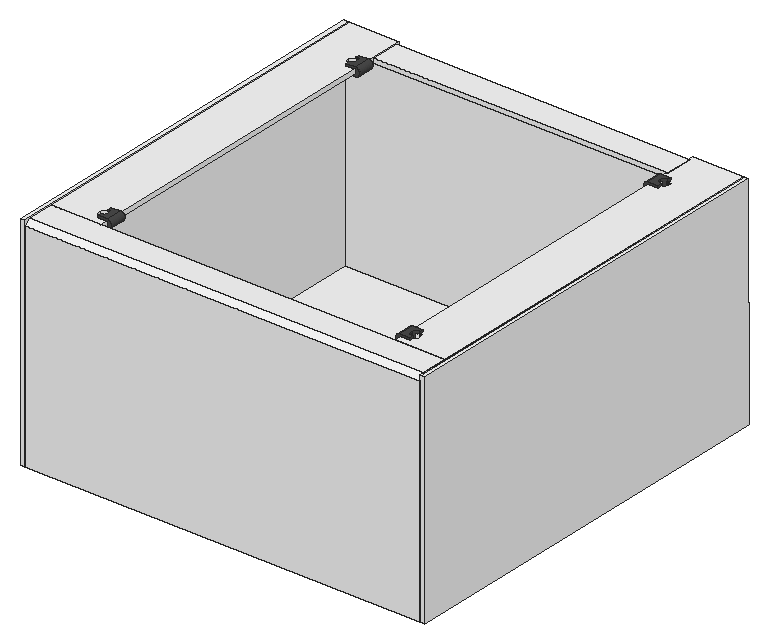
Revit family "SEST SERIES", category Communication Devices, Revit 2014
Parameters (values of type "SEST-1H")
  Width = 11.00"
  Weight Product = 0
  Warranty = "1 Year"
  Specification by User (default) [instance] = ""
  Product Documentation Link = "https://www.atlasied.com/f/2864/ATS002382C%20IP%20Enclosures%20Datasheet.pdf"
  OmniClass Title = "Audio Visual Enclosures"
  OmniClass Number = "23-37 27 15 13"
  Model = "SEST-IH"
  MaterFormat Title = "AUDIO VISUAL ENCLOSURES"
  MasterFormat = "27 42 19"
  Manufacturer URL = "https://www.atlasied.com"
  Manufacturer Phone = "(800) 876 - 3333"
  Manufacturer Email = "support@atlasied.com"
  Manufacturer Address = "4545 E. Baseline Rd., Phoenix, AZ 85042"
  Manufacturer = "ATLAS SOUND"
  IQ Category = "AUDIO VISUAL ENCLOSURES"
  Height = 6.00"
  Family Version = "2017-01"
  Family Code (default) = "LOUD SPEAKER ENCLOSURES"
  Enclosure Material = none
  Description = "STRAIGHT SURFACE MOUNT STAINLESS STEEL ENCLOSURE IS DESIGNED FOR USE ONLY WITH ATLAS SOUND LOUDSPEAKER SYSTEM MODEL IHVP. THE ENCLOSURE IS CONSTRUCTED OF 18-GAUGE STAINLESS STEEL AND FINISHED IN TEXTURED WHITE EPOXY."
  Depth = 11.00"
  Cost MSRP = 0
  Cost = 0
  Color = none
  Code 3 = yes
  Code 2 = no
  Code 1 = no
  Body Material = QF_Plastic - White - Smooth
Types (4): name | Width | Specification by User (default) | Model | Height | Description | Depth | Code 3 | Code 2 | Code 1
  (no name) | 11.00" | "" | "SEST-IH" | 6.00" | "STRAIGHT SURFACE MOUNT STAINLESS STEEL ENCLOSURE IS DESIGNED FOR USE ONLY WITH ATLAS SOUND LOUDSPEAKER SYSTEM MODEL IHVP. THE ENCLOSURE IS CONSTRUCTED OF 18-GAUGE STAINLESS STEEL AND FINISHED IN TEXTURED WHITE EPOXY." | 11.00" | yes | no | no
  SEST-18S | 11.58984" | "" | "SEST-I8S" | 4.00" | "STRAIGHT SURFACE MOUNT ENCLOSURE IS DESIGNED FOR USE ONLY WITH ATLAS SOUND LOUDSPEAKER SYSTEM MODELS I8S AND I8SM. THE UNIT PROVIDES AN ARCHITECTURALLY PLEASING APPEARANCE WITH CRISP LINES THAT BLEND WELL WITH MOST BUILDING INTERIORS. THE ENCLOSURE IS CONSTRUCTED OF 20-GAUGE CRS AND FINISHED IN TEXTURED WHITE EPOXY." | 11.63" | no | no | yes
  SEST-18SC | 13.12891" | "TBD" | "SEST-I8SC" | 4.00" | "STRAIGHT SURFACE MOUNT ENCLOSURE IS DESIGNED FOR USE ONLY WITH ATLAS SOUND LOUDSPEAKER SYSTEM MODELS I8SC AND I8SCM. THE UNIT PROVIDES AN ARCHITECTURALLY PLEASING APPEARANCE WITH CRISP LINES THAT BLEND WELL WITH MOST BUILDING INTERIORS. THE ENCLOSURE IS CONSTRUCTED OF 20-GAUGE CRS AND FINISHED IN RECLAIMED POWDER COAT FINISH." | 14.63" | no | yes | no
  SEST-1H | 11.00" | "" | "SEST-IH" | 6.00" | "STRAIGHT SURFACE MOUNT STAINLESS STEEL ENCLOSURE IS DESIGNED FOR USE ONLY WITH ATLAS SOUND LOUDSPEAKER SYSTEM MODEL IHVP. THE ENCLOSURE IS CONSTRUCTED OF 18-GAUGE STAINLESS STEEL AND FINISHED IN TEXTURED WHITE EPOXY." | 11.00" | yes | no | no
Reference planes (in)
  plane 1 "BACK": y = 0
  plane 2: z = 0
  plane 3 "LEFT": x = 0
  plane 4 "RIGHT": x = 11
  plane 5 "FRONT": y = -11
  plane 6 "TOP": z = 6
  plane 7 "Center Y": x = 5.5
  plane 8 "Center X": y = -5.5
  plane 9: z = 3
Dimensions and locks (in)
  equal spacing: plane 3 "LEFT", plane 7 "Center Y", plane 4 "RIGHT"
  "Width": plane 3 "LEFT" to plane 4 "RIGHT"
  equal spacing: plane 5 "FRONT", plane 8 "Center X", plane 1 "BACK"
  "Depth": plane 5 "FRONT" to plane 1 "BACK"
  "Height": plane 6 "TOP" to level
  equal spacing: plane 6 "TOP", plane 9, level
  aligned and locked: level to plane 2
  aligned and locked: plane 7 "Center Y" to nested 1
  aligned and locked: nested 1 to plane 1 "BACK"
Nested families (in)
  nested 1: "SEST SERIES" at (0, -11, 0) x (1, 0, 0) z (0, 1, 0), type "SEST SERIES"
    with Specification by User (default) "TBD", Width 11.00", Height 11.00", Depth 6.00", Code 3 yes, Code 1 no
Definition of nested family "SEST SERIES"
  Parameters (values of type "QF_SEST SERIES")
    Width = 11.58984"
    Weight Product = 0
    Warranty = "TBD"
    Specification by User (default) [instance] = "TBD"
    Product Page URL = "https://www.atlasied.com"
    Product Documentation Link = "https://www.atlasied.com/f/2864/ATS002382C%20IP%20Enclosures%20Datasheet.pdf"
    OmniClass Title = "AUDIO VISUAL ENCLOSURES"
    OmniClass Number = "TBD"
    Model = "SEST-I8SC"
    MaterFormat Title = "AUDIO VISUAL ENCLOSURES"
    MasterFormat = "TBD"
    Manufacturer URL = "https://www.atlasied.com"
    Manufacturer Phone = "(800) 876 - 3333"
    Manufacturer Email = "support@atlasied.com"
    Manufacturer Address = "4545 E. Baseline Rd., Phoenix, AZ 85042"
    Manufacturer = "ATLAS SOUND"
    Ingress Protection = "TBD"
    IQ Category = "AUDIO VISUAL ENCLOSURES"
    Height = 11.63"
    Family Version = "2017-01"
    Family Code (default) = "AUDIO VISUAL ENCLOSURES"
    Enclosure Material = none
    Description = "STRAIGHT SURFACE MOUNT ENCLOSURE IS DESIGNED FOR USE ONLY WITH ATLAS SOUND LOUDSPEAKER SYSTEM MODELS I8SC AND I8SCM. THE UNIT PROVIDES AN ARCHITECTURALLY PLEASING APPEARANCE WITH CRISP LINES THAT BLEND WELL WITH MOST BUILDING INTERIORS. THE ENCLOSURE IS CONSTRUCTED OF 20-GAUGE CRS AND FINISHED IN RECLAIMED POWDER COAT FINISH."
    Depth = 4.00"
    Cost MSRP = 0
    Cost = 0
    Color = none
    Code 3 = no
    Code 2 = no
    Code 1 = yes
    Body Material = QF_Plastic - White - Smooth
  Reference planes (in)
    plane 1 "BACK": y = 0
    plane 2: z = 0
    plane 3 "LEFT": x = 0
    plane 4 "RIGHT": x = 11.58984
    plane 5 "FRONT": y = -4
    plane 6 "TOP": z = 11.63
    plane 7 "Center Y": x = 5.79492
    plane 8 "Center X": y = -2
    plane 9: y = -0.125
    plane 10: z = 0.125
    plane 11: z = 0.875
    plane 12: x = 10.08984
    plane 13: x = 11.46484
    plane 14: z = 5.815
  Forms (in)
    Extrusion 1, solid, material "QF_Plastic - White - Smooth" <- "Body Material", visible <- "Code 2"
      sketch origin (11.58984, 0, 0) x (0, -1, 0) y (0, 0, 1)
        loop
          line (4, 11.63) -> (0, 11.63) -> (0, 0) -> (4, 0) -> (4, 11.63)
      from 0 to 0.125
    Extrusion 2, solid, material "QF_Plastic - White - Smooth" <- "Body Material"
      sketch origin (11, 0, 0) x (0, 1, 0) y (0, 0, -1)
        loop
          line (-4, -11.63) -> (0, -11.63) -> (0, 0) -> (-4, 0) -> (-4, -11.63)
      from 10.875 to 11
    Extrusion 3, solid, material "QF_Plastic - White - Smooth" <- "Body Material", visible <- "Code 1"
      sketch origin (-1, 0, 0) x (1, 0, 0) y (0, 0, 1)
        loop
          circle (5.79492, 5.815) r 0.5
        loop
          circle (5.79492, 5.815) r 0.40825
      from 0.21377 to 0.125
    Extrusion 4, solid, material "QF_Plastic - White - Smooth" <- "Body Material"
      sketch origin (-38.39759, -180, 11.63) x (-1, 0, 0) y (0, -1, 0)
        loop
          line (-38.52259, -179.875) -> (-38.52259, -176.125) -> (-49.86244, -176.125) -> (-49.86244, -179.875) -> (-38.52259, -179.875)
      from 0 to -0.125
    Extrusion 5, solid, material "QF_Plastic - White - Smooth" <- "Body Material"
      sketch origin (0, 0, 0) x (0, 1, 0) y (0, 0, 1)
        loop
          line (-4, 0.125) -> (-3.875, 0) -> (-0.125, 0) -> (-0.125, 0.875) -> (-4, 0.875) -> (-4, 0.125)
      from 0.125 to 11.46484
    Extrusion 6, solid, material "QF_Plastic - Black - Smooth"
      sketch origin (-38.39759, -180, 11.63) x (-1, 0, 0) y (0, -1, 0)
        loop
          line (-39.65624, -176.17743) -> (-39.65624, -176.0625) -> (-39.65624, -175.94757) -> (-39.9187, -175.94757)
          arc (-39.9187, -175.94757) -> (-40.03363, -176.0625) -> (-39.9187, -176.17743) r 0.11493
          line (-39.9187, -176.17743) -> (-39.65624, -176.17743)
        loop
          line (-48.72879, -176.17743) -> (-48.46633, -176.17743)
          arc (-48.46633, -176.17743) -> (-48.3514, -176.0625) -> (-48.46633, -175.94757) r 0.11493
          line (-48.46633, -175.94757) -> (-48.72879, -175.94757) -> (-48.72879, -176.0625) -> (-48.72879, -176.17743)
      from -1.50502 to -1.06714
    Extrusion 7, void
      sketch origin (0, -4, 0) x (-1, 0, 0) y (0, 0, 1)
        loop
          circle (-1.25865, 10.35646) r 0.12307
        loop
          circle (-10.3312, 10.35646) r 0.12307
        loop
          circle (-1.25865, 1.27354) r 0.12307
        loop
          circle (-10.3312, 1.27354) r 0.12307
      from 0.28635 to -0.25
    Extrusion 8, solid, material "QF_Plastic - White - Smooth" <- "Body Material"
      sketch origin (0, 0, 0) x (0, 1, 0) y (0, 0, 1)
        loop
          line (-3.875, 11.63) -> (-4, 11.505) -> (-4, 10.755) -> (-3.875, 10.755) -> (-3.875, 11.63)
      from 1.5 to 10.08984
    Extrusion 9, solid, material "QF_Plastic - White - Smooth" <- "Body Material"
      sketch origin (0, 0, 11) x (1, 0, 0) y (0, 0, 1)
        loop
          line (0.125, -11) -> (11.46484, -11) -> (11.46484, 0.63) -> (0.125, 0.63) -> (0.125, -11)
      from 0 to 0.125
    Extrusion 10, solid, material "QF_Plastic - White - Smooth" <- "Body Material", visible <- "Code 1"
      sketch origin (12, 0, 0) x (-1, 0, 0) y (0, 0, -1)
        loop
          circle (5.20508, -5.815) r 0.5
        loop
          circle (5.20508, -5.815) r 0.40825
      from 0.21377 to 0.125
    Extrusion 11, solid, material "QF_Plastic - White - Smooth" <- "Body Material"
      sketch origin (0, -4, 0) x (1, 0, 0) y (0, 0, 1)
        loop
          line (1.5, 11.63) -> (0.125, 11.63) -> (0.125, 0.875) -> (1.5, 0.875) -> (1.5, 11.63)
        loop
          line (10.08984, 11.63) -> (10.08984, 0.875) -> (11.46484, 0.875) -> (11.46484, 11.63) -> (10.08984, 11.63)
      from 0 to -0.125
    Extrusion 12, solid, material "QF_Plastic - Black - Smooth"
      sketch origin (0, 0, 0) x (1, 0, 0) y (0, 1, 0)
        loop
          line (1.25865, -3.82257) -> (1.25865, -3.9375) -> (1.25865, -4.05243) -> (1.52111, -4.05243)
          arc (1.52111, -4.05243) -> (1.63604, -3.9375) -> (1.52111, -3.82257) r 0.11493
          line (1.52111, -3.82257) -> (1.25865, -3.82257)
        loop
          line (10.3312, -3.82257) -> (10.06874, -3.82257)
          arc (10.06874, -3.82257) -> (9.95381, -3.9375) -> (10.06874, -4.05243) r 0.11493
          line (10.06874, -4.05243) -> (10.3312, -4.05243) -> (10.3312, -3.9375) -> (10.3312, -3.82257)
      from 1.50391 to 1.06641
    Extrusion 13, solid, material "QF_Plastic - White - Smooth" <- "Body Material", visible <- "Code 2"
      sketch origin (11, 0, 0) x (-1, 0, 0) y (0, 0, -1)
        loop
          circle (5.20508, -5.815) r 0.5
        loop
          circle (5.20508, -5.815) r 0.40825
      from 0.21377 to 0.125
    Extrusion 14, solid, material "QF_Plastic - White - Smooth" <- "Body Material", visible <- "Code 1"
      sketch origin (11.58984, 0, 0) x (0, -1, 0) y (0, 0, 1)
        loop
          line (4, 11.63) -> (0, 11.63) -> (0, 0) -> (4, 0) -> (4, 11.63)
        loop
          circle (2, 5.815) r 0.5
      from 0 to 0.125
    Extrusion 15, solid, material "QF_Plastic - White - Smooth" <- "Body Material", visible <- "Code 3"
      sketch origin (-1, 0, 0) x (1, 0, 0) y (0, 0, 1)
        loop
          circle (5.79492, 5.815) r 0.5
        loop
          circle (5.79492, 5.815) r 0.40825
      from 0.21377 to 0.125
    Extrusion 16, solid, material "QF_Plastic - White - Smooth" <- "Body Material", visible <- "Code 3"
      sketch origin (12, 0, 0) x (-1, 0, 0) y (0, 0, -1)
        loop
          circle (5.20508, -5.815) r 0.5
        loop
          circle (5.20508, -5.815) r 0.40825
      from 0.21377 to 0.125
    Extrusion 17, solid, material "QF_Plastic - White - Smooth" <- "Body Material", visible <- "Code 1"
      sketch origin (11.58984, 0, 0) x (0, 1, 0) y (0, 0, 1)
        loop
          line (-1.41878, 2.86126) -> (-1.41878, 0.2971) -> (-0.51062, 0.2971) -> (-0.51062, 2.86126) -> (-1.41878, 2.86126)
      from 0 to 0.0625
    Extrusion 18, solid, material "QF_Plastic - White - Smooth" <- "Body Material", visible <- "Code 3"
      sketch origin (11.58984, 0, 0) x (0, -1, 0) y (0, 0, 1)
        loop
          line (4, 11.63) -> (0, 11.63) -> (0, 0) -> (4, 0) -> (4, 11.63)
      from 0 to 0.125
  Cuts and joins
    joined: Extrusion 5, Extrusion 9
    Extrusion 7 cuts Extrusion 11
    Extrusion 7 cuts Extrusion 12
    Extrusion 7 cuts Extrusion 6
  Lines and regions (in)
    symbolic lines
      curve 1: line (0, 0, 0) -> (11.58984, 0, 0)
      curve 2: line (0, -4, 0) -> (0, 0, 0)
      curve 3: line (11.58984, -4, 0) -> (0, -4, 0)
      curve 4: line (11.58984, 0, 0) -> (11.58984, -4, 0)
      curve 5: line (0.125, -0.125, 0) -> (11.46484, -0.125, 0)
      curve 6: line (0.125, -3.875, 0) -> (0.125, -0.125, 0)
      curve 7: line (11.46484, -3.875, 0) -> (0.125, -3.875, 0)
      curve 8: line (11.46484, -0.125, 0) -> (11.46484, -3.875, 0)
      curve 9: line (1.5, -3.875, 0) -> (1.5, -4, 0)
      curve 10: line (10.08984, -3.875, 0) -> (10.08984, -4, 0)
      curve 11: line (1.25865, -4, 0) -> (1.25865, -4.05243, 0)
      curve 12: line (1.25865, -4.05243, 0) -> (1.52111, -4.05243, 0)
      curve 13: arc (1.52111, -4.05243, 0) -> (1.576, -4.03847, 0) -> (1.61756, -4, 0) r 0.11493
      curve 14: line (10.3312, -4, 0) -> (10.3312, -4.05243, 0)
      curve 15: line (10.3312, -4.05243, 0) -> (10.06874, -4.05243, 0)
      curve 16: arc (10.06874, -4.05243, 0) -> (10.01385, -4.03847, 0) -> (9.97229, -4, 0) r 0.11493
      curve 17: line (0, 0, 0) -> (11.58984, 0, 0)
      curve 18: line (0, -4, 0) -> (0, 0, 0)
      curve 19: line (11.58984, -4, 0) -> (0, -4, 0)
      curve 20: line (11.58984, 0, 0) -> (11.58984, -4, 0)
      curve 21: line (0, 0, 0) -> (11.58984, 0, 0)
      curve 22: line (0, -4, 0) -> (0, 0, 0)
      curve 23: line (11.58984, -4, 0) -> (0, -4, 0)
      curve 24: line (11.58984, 0, 0) -> (11.58984, -4, 0)
      curve 25: line (1.5, -3.875, 0) -> (1.5, -4, 0)
      curve 26: line (1.5, -3.875, 0) -> (10.08984, -3.875, 0)
      curve 27: line (1.5, -4, 0) -> (1.5, -3.875, 0)
      curve 28: line (10.08984, -3.875, 0) -> (10.08984, -4, 0)
  Dimensions and locks (in)
    equal spacing: plane 3 "LEFT", plane 7 "Center Y", plane 4 "RIGHT"
    "Width": plane 3 "LEFT" to plane 4 "RIGHT"
    equal spacing: plane 5 "FRONT", plane 8 "Center X", plane 1 "BACK"
    "Depth": plane 5 "FRONT" to plane 1 "BACK"
    "Height": plane 6 "TOP" to level
    plane 10 to level = 0.125"
    plane 11 to plane 10 = 0.75"
    locked: Extrusion 5 sketch curve to plane 5 "FRONT" at 0.125
    plane 12 to plane 13 to plane 4 "RIGHT" = 1.375" locked, 0.125" locked
    plane 6 "TOP" to Extrusion 8 sketch curve to Extrusion 8 sketch curve = 0.125" locked, 0.75" locked
    equal spacing: plane 6 "TOP", plane 14, level
    aligned and locked: level to plane 2
    aligned and locked: Extrusion 5 sketch curve to plane 5 "FRONT"
    aligned and locked: plane 13 to cut or joined group of Extrusion 5, Extrusion 9
    aligned and locked: plane 12 to Extrusion 8
  Automatic sketch dimensions
    plane 1 "BACK" to curve 1 = 0.00"
    curve 1 to plane 3 "LEFT" = 0.00"
    curve 6 to plane 9 = 0.00"
    plane 5 "FRONT" to curve 11 = 0.00"
    curve 26 to plane 12 = 0.00"
    curve 10 to plane 12 = 0.00"
    curve 5 to plane 13 = 0.00"
    curve 17 to plane 4 "RIGHT" = 0.00"
    plane 3 "LEFT" to curve 7 = 0.125"
    plane 5 "FRONT" to curve 11 = 0.05243"
    curve 6 to curve 11 = 1.13365"
    curve 27 to plane 5 "FRONT" = 0.125"
    curve 11 to curve 27 = 0.24135"
    curve 27 to curve 12 = 0.02111"
    curve 16 to plane 12 = 0.02111"
    plane 5 "FRONT" to curve 14 = 0.05243"
    plane 12 to curve 14 = 0.24135"
    curve 16 to plane 5 "FRONT" = 0.0625"
    curve 13 to plane 5 "FRONT" = 0.0625"
    curve 8 to plane 5 "FRONT" = 0.125"
    curve 9 to curve 27 = 0.00"
    curve 25 to curve 9 = 0.00"
    Extrusion 1 sketch curve to plane 1 "BACK" = 0.00"
    Extrusion 1 sketch curve to level = 0.00"
    Extrusion 1 sketch curve to plane 5 "FRONT" = 0.00"
    Extrusion 1 sketch curve to plane 6 "TOP" = 0.00"
    Extrusion 2 sketch curve to level = 0.00"
    Extrusion 2 sketch curve to plane 5 "FRONT" = 0.00"
    Extrusion 2 sketch curve to plane 1 "BACK" = 0.00"
    Extrusion 2 sketch curve to plane 6 "TOP" = 0.00"
    Extrusion 3 sketch curve to Extrusion 3 sketch curve = 0.00"  (x2)
    Extrusion 3 sketch curve to plane 14 = 0.00"
    Extrusion 3 sketch curve to plane 7 "Center Y" = 1.00"
    Extrusion 4 sketch curve to plane 9 = 0.00"
    Extrusion 4 sketch curve to plane 13 = 0.00"
    plane 3 "LEFT" to Extrusion 4 sketch curve = 0.125"
    Extrusion 4 sketch curve to plane 5 "FRONT" = 0.125"
    Extrusion 5 sketch curve to level = 0.00"
    Extrusion 5 sketch curve to plane 9 = 0.00"
    plane 10 to Extrusion 5 sketch curve = 0.00"
    plane 11 to Extrusion 5 sketch curve = 0.00"
    plane 12 to Extrusion 6 sketch curve = 0.24135"
    Extrusion 6 sketch curve to plane 12 = 0.02111"
    Extrusion 6 sketch curve to plane 5 "FRONT" = 0.0625"  (x4)
    plane 3 "LEFT" to Extrusion 6 sketch curve = 1.52111"
    plane 5 "FRONT" to Extrusion 6 sketch curve = 0.05243"
    Extrusion 6 sketch curve to Extrusion 6 sketch curve = 0.26246"
    Extrusion 6 sketch curve to plane 5 "FRONT" = 0.17743"
    Extrusion 11 to Extrusion 7 sketch curve = 0.24135"  (x4)
    Extrusion 11 to Extrusion 7 sketch curve = 0.39854"  (x2)
    Extrusion 11 to Extrusion 7 sketch curve = 1.27354"  (x2)
    Extrusion 8 sketch curve to plane 5 "FRONT" = 0.00"
    Extrusion 8 sketch curve to plane 6 "TOP" = 0.00"
    Extrusion 8 sketch curve to Extrusion 8 sketch curve = 0.125"
    Extrusion 9 sketch curve to plane 6 "TOP" = 0.00"
    Extrusion 9 sketch curve to level = 0.00"
    Extrusion 9 sketch curve to plane 13 = 0.00"
    Extrusion 9 sketch curve to plane 3 "LEFT" = 0.125"
    Extrusion 10 sketch curve to Extrusion 10 sketch curve = 0.00"  (x2)
    Extrusion 10 sketch curve to plane 14 = 0.00"
    plane 7 "Center Y" to Extrusion 10 sketch curve = 1.00"
    Extrusion 11 sketch curve to plane 6 "TOP" = 0.00"  (x2)
    Extrusion 11 sketch curve to plane 12 = 0.00"
    Extrusion 11 sketch curve to plane 13 = 0.00"
    plane 3 "LEFT" to Extrusion 11 sketch curve = 1.50"
    plane 3 "LEFT" to Extrusion 11 sketch curve = 0.125"
    plane 10 to Extrusion 11 sketch curve = 0.75"  (x2)
    plane 5 "FRONT" to Extrusion 12 sketch curve = 0.05243"  (x2)
    plane 3 "LEFT" to Extrusion 12 sketch curve = 1.25865"
    Extrusion 12 sketch curve to Extrusion 12 sketch curve = 0.26246"
    Extrusion 12 sketch curve to plane 12 = 0.02111"
    Extrusion 12 sketch curve to plane 5 "FRONT" = 0.0625"  (x4)
    plane 12 to Extrusion 12 sketch curve = 0.24135"
    Extrusion 13 sketch curve to Extrusion 13 sketch curve = 0.00"  (x2)
    Extrusion 13 sketch curve to plane 7 "Center Y" = 0.00"
    Extrusion 13 sketch curve to plane 14 = 0.00"
    Extrusion 14 sketch curve to plane 1 "BACK" = 0.00"
    Extrusion 14 sketch curve to plane 8 "Center X" = 0.00"
    Extrusion 14 sketch curve to plane 5 "FRONT" = 0.00"
    Extrusion 14 sketch curve to level = 0.00"
    Extrusion 14 sketch curve to plane 14 = 0.00"
    Extrusion 14 sketch curve to plane 6 "TOP" = 0.00"
    Extrusion 15 sketch curve to Extrusion 15 sketch curve = 0.00"  (x2)
    Extrusion 15 sketch curve to plane 14 = 0.00"
    Extrusion 15 sketch curve to plane 7 "Center Y" = 1.00"
    Extrusion 16 sketch curve to Extrusion 16 sketch curve = 0.00"  (x2)
    Extrusion 16 sketch curve to plane 14 = 0.00"
    plane 7 "Center Y" to Extrusion 16 sketch curve = 1.00"
    Extrusion 17 sketch curve to Extrusion 14 = 0.2971"
    Extrusion 17 sketch curve to Extrusion 14 = 1.41878"
    Extrusion 17 sketch curve to Extrusion 14 = 0.51062"
    Extrusion 17 sketch curve to Extrusion 17 sketch curve = 2.56416"
    Extrusion 18 sketch curve to plane 1 "BACK" = 0.00"
    Extrusion 18 sketch curve to level = 0.00"
    Extrusion 18 sketch curve to plane 5 "FRONT" = 0.00"
    Extrusion 18 sketch curve to plane 6 "TOP" = 0.00"
    radius of Extrusion 3 sketch curve = 0.50"
    radius of Extrusion 3 sketch curve = 0.40825"
    radius of Extrusion 7 sketch curve = 0.12307"  (x4)
    radius of Extrusion 10 sketch curve = 0.50"
    radius of Extrusion 10 sketch curve = 0.40825"
    radius of Extrusion 13 sketch curve = 0.50"
    radius of Extrusion 13 sketch curve = 0.40825"
    radius of Extrusion 14 sketch curve = 0.50"
    radius of Extrusion 15 sketch curve = 0.50"
    radius of Extrusion 15 sketch curve = 0.40825"
    radius of Extrusion 16 sketch curve = 0.50"
    radius of Extrusion 16 sketch curve = 0.40825"
